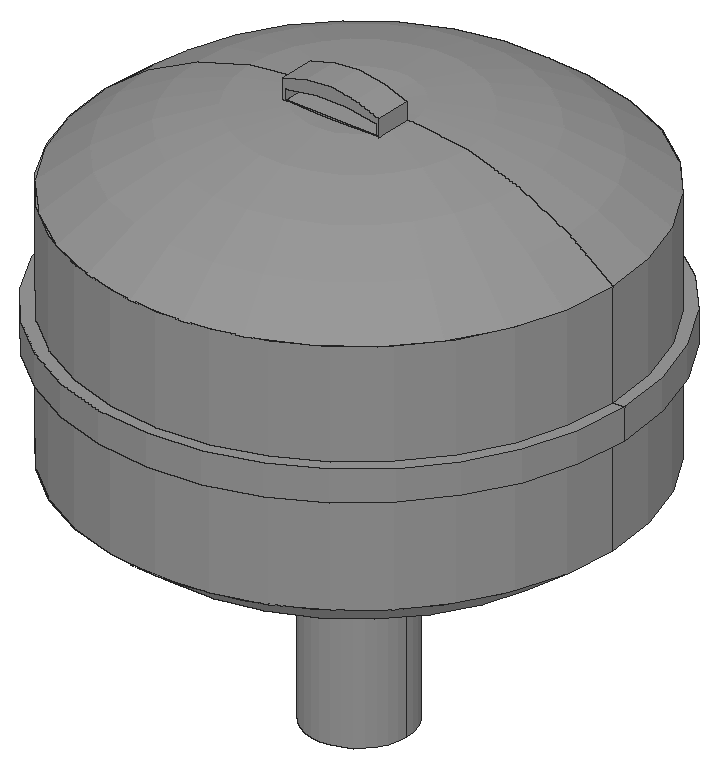
Revit family "WHS", category Pipe Accessories, Revit 2013
Parameters (values of type "WHS-11")
  URL = "www.mifab.com"
  NPSM Size = 0' - 2"
  Model = "WHS"
  Manufacturer = "Mifab"
  Material = Carbon Steel
  Height = 0' - 8"
  Diameter = 0' - 10 1/2"
  Description = "Water Hammer Arrestors For Heavy Equipment"
  Assembly Code = ""
Types (10): name | NPSM Size | Material | Height | Diameter
  (no name) | 0' - 2" | Carbon Steel | 0' - 8" | 0' - 10 1/2"
  WHS-11 | 0' - 2" | Carbon Steel | 0' - 8" | 0' - 10 1/2"
  WHS-12 | 0' - 2" | Metal-Watts-Copper | 0' - 10" | 0' - 10 1/2"
  WHS-13 | 0' - 2" | Metal-Watts-Copper | 0' - 10 3/4" | 1' - 4"
  WHS-14 | 0' - 2" | Metal-Watts-Copper | 1' - 2" | 1' - 4"
  WHS-15 | 0' - 3" | Metal-Watts-Copper | 1' - 6" | 2' - 0"
  WHS-16 | 0' - 3" | Metal-Watts-Copper | 1' - 10 3/4" | 2' - 0"
  WHS-17 | 0' - 4" | Metal-Watts-Copper | 2' - 1" | 3' - 0"
  WHS-17S | 0' - 6" | Metal-Watts-Copper | 3' - 4" | 3' - 6"
  WHS-18 | 0' - 6" | Metal-Watts-Copper | 3' - 11" | 4' - 0"
Reference planes (in)
  plane 1 "Center (Front/Back)": y = 0
  plane 2: z = 0
  plane 3 "Center (Left/Right)": x = 0
  plane 4: x = -5.25
  plane 5: x = 5.25
  plane 6: z = 13.54317
  plane 7: z = 17.54317
  plane 8: z = 9.54317
  plane 9: x = -1
  plane 10: x = 1
Forms (in)
  Revolve 1, solid, material "Carbon Steel" <- "Material"
    sketch origin (0, 0, 0) x (1, 0, 0) y (0, 0, 1)
      loop
        arc (5.25, 15.98937) -> (2.79627, 17.34498) -> (0, 17.54317) r 6.51052
        line (0, 17.54317) -> (0, 15.98937) -> (5.25, 15.98937)
      axis (0, 17.54317) -> (0, 15.98937)
    angle from 0 to 360
  Revolve 2, solid, material "Carbon Steel" <- "Material"
    sketch origin (0, 0, 0) x (1, 0, 0) y (0, 0, 1)
      loop
        line (0, 15.98937) -> (0, 11.09697) -> (5.25, 11.09697) -> (5.25, 13.23494) -> (5.5, 13.23494) -> (5.5, 13.8514) -> (5.25, 13.8514) -> (5.25, 15.98937) -> (0, 15.98937)
      axis (0, 15.98937) -> (0, 11.09697)
    angle from 0 to 360
  Revolve 3, solid, material "Carbon Steel" <- "Material"
    sketch origin (0, 0, 0) x (1, 0, 0) y (0, 0, 1)
      loop
        line (5.25, 11.09697) -> (0, 11.09697) -> (0, 9.54317)
        arc (0, 9.54317) -> (2.79627, 9.74137) -> (5.25, 11.09697) r 6.51052
      axis (0, 11.09697) -> (0, 9.54317)
    angle from 0 to 360
  Revolve 4, solid, material "Carbon Steel" <- "Material"
    sketch origin (0, 0, 0) x (1, 0, 0) y (0, 0, 1)
      loop
        line (0, 11.09697) -> (0, 6.1541) -> (1, 6.1541) -> (1, 11.09697) -> (0, 11.09697)
      axis (0, 11.09697) -> (0, 6.1541)
    angle from 0 to 360
  Extrusion 5, void
    sketch origin (0, 0, 0) x (1, 0, 0) y (0, 0, 1)
      loop
        line (-0.92932, 17.61297) -> (0.95683, 17.61297) -> (0.95683, 17.83555)
        arc (0.95683, 17.83555) -> (0.01269, 17.937) -> (-0.92932, 17.81741) r 4.0791
        line (-0.92932, 17.81741) -> (-0.92932, 17.61297)
    from 1.88915 to -1.38661
  Extrusion 6, solid, material "Carbon Steel" <- "Material"
    sketch origin (0, 0, 0) x (1, 0, 0) y (0, 0, 1)
      loop
        line (-1, 17.54317) -> (1, 17.54317) -> (1, 17.93624)
        arc (1, 17.93624) -> (0.00576, 18.17481) -> (-1, 17.99071) r 2.47254
        line (-1, 17.99071) -> (-1, 17.54317)
    from 0 to 0.72395
Cuts and joins
  Extrusion 5 cuts Extrusion 6
  joined: Revolve 3, Revolve 4, Extrusion 6
Lines and regions (in)
  model lines
    curve 1: line (0, 0, 13.54317) -> (0, 0, 9.54317)
    curve 2: line (0, 0, 15.53216) -> (0, 0, 16.59466)
Dimensions and locks (in)
  equal spacing: plane 4, plane 3 "Center (Left/Right)", plane 5
  "Diameter": plane 4 to plane 5
  equal spacing: plane 7, plane 6, plane 8
  "Height": plane 7 to plane 8
  equal spacing: plane 9, plane 3 "Center (Left/Right)", plane 10
  "NPSM Size": plane 9 to plane 10
  aligned and locked: Revolve 1 sketch curve to plane 3 "Center (Left/Right)"
  aligned and locked: Revolve 2 sketch curve to plane 3 "Center (Left/Right)"
  aligned and locked: Revolve 2 sketch curve to Revolve 1
  aligned and locked: plane 7 to Revolve 1 sketch curve
  aligned and locked: plane 8 to Revolve 3 sketch curve
  aligned and locked: Revolve 3 sketch curve to plane 3 "Center (Left/Right)"
  aligned and locked: Revolve 4 sketch curve to Revolve 2
  aligned and locked: Revolve 4 sketch curve to plane 3 "Center (Left/Right)"
  aligned and locked: plane 10 to Revolve 4 sketch curve
  aligned and locked: plane 5 to Revolve 2 sketch curve
  aligned and locked: Revolve 2 sketch curve to Revolve 2 sketch curve
Automatic sketch dimensions
  curve 1 to plane 3 "Center (Left/Right)" = 0' - 0"
  curve 2 to plane 3 "Center (Left/Right)" = 0' - 0"
  curve 1 to plane 8 = 0' - 0"
  curve 1 to plane 6 = 0' - 0"
  curve 1 to curve 2 = 0' - 1.98899"
  plane 7 to curve 2 = 0' - 0.94851"
  Revolve 1 sketch curve to plane 3 "Center (Left/Right)" = 0' - 0"
  plane 5 to Revolve 1 sketch curve = 0' - 0"
  plane 7 to Revolve 1 sketch curve = 0' - 1.5538"
  plane 10 to Revolve 1 sketch curve = 0' - 0.05137"
  plane 8 to Revolve 1 sketch curve = 0' - 2.9462"
  Revolve 1 sketch curve to Revolve 1 sketch curve = 0' - 2.0538"
  Revolve 2 sketch curve to plane 3 "Center (Left/Right)" = 0' - 0"
  Revolve 2 sketch curve to plane 8 = 0' - 1.5538"
  Revolve 2 sketch curve to plane 5 = 0' - 0 1/4"
  plane 6 to Revolve 2 sketch curve = 0' - 0.30823"
  Revolve 2 sketch curve to plane 6 = 0' - 0.30823"
  plane 8 to Revolve 2 sketch curve = 0' - 3.18096"
  Revolve 2 sketch curve to plane 7 = 0' - 1.06904"
  Revolve 3 sketch curve to plane 3 "Center (Left/Right)" = 0' - 0"
  plane 5 to Revolve 3 sketch curve = 0' - 0"
  Revolve 3 sketch curve to plane 8 = 0' - 1.5538"
  plane 10 to Revolve 3 sketch curve = 0' - 0.05137"
  plane 8 to Revolve 3 sketch curve = 0' - 1 1/2"
  Revolve 3 sketch curve to Revolve 3 sketch curve = 0' - 0.25354"
  Revolve 4 sketch curve to plane 3 "Center (Left/Right)" = 0' - 0"
  plane 8 to Revolve 4 sketch curve = 0' - 3.38907"
  Revolve 4 sketch curve to Revolve 4 sketch curve = 0' - 0.86093"
  plane 6 to Revolve 4 sketch curve = 0' - 1"
  Extrusion 5 sketch curve to plane 9 = 0' - 0.07068"
  Extrusion 5 sketch curve to plane 7 = 0' - 0.0698"
  plane 10 to Extrusion 5 sketch curve = 0' - 0.04317"
  plane 3 "Center (Left/Right)" to Extrusion 5 sketch curve = 0' - 0.05192"
  Extrusion 5 sketch curve to Extrusion 5 sketch curve = 0' - 0.22258"
  Extrusion 5 sketch curve to Extrusion 5 sketch curve = 0' - 0.20444"
  Extrusion 6 sketch curve to plane 7 = 0' - 0"
  plane 9 to Extrusion 6 sketch curve = 0' - 0"
  plane 10 to Extrusion 6 sketch curve = 0' - 0"
  Extrusion 6 sketch curve to plane 3 "Center (Left/Right)" = 0' - 0.06156"
  Extrusion 6 sketch curve to plane 6 = 0' - 2.16001"
  Extrusion 6 sketch curve to Extrusion 6 sketch curve = 0' - 0.44754"
Connectors (in)
  piping at (0, 0, 6.1541)
    settings: on Revolve 4, index 1, connector radius 1", flow factor 0, pipe flow 0 GPM, pressure drop 0.00 psi, fitting loss kfactor 0, connector angle 0.00°, fixture units 0, engagement length 0' - 0", flow configuration 1, flow direction 1, fitting loss method 0, system type 29, joint type 0, gender type 0, connector reference index -1, connector utility 0, adjustable connector no, is connector primary yes, fitting loss table "", connector description "In"
